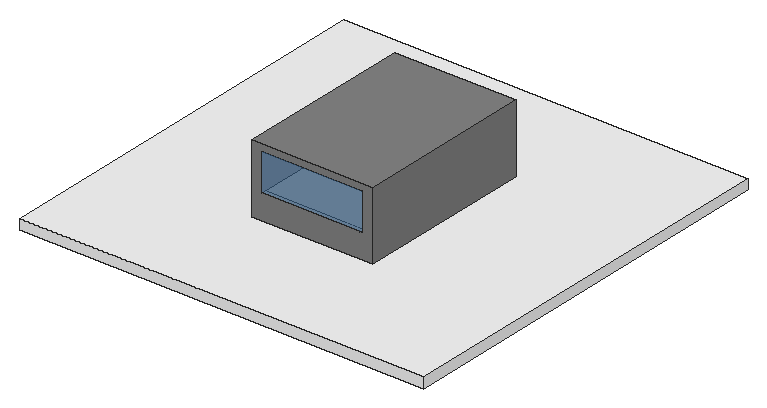
Revit family "BE_24088_de_DE", category Leuchten, Revit 2020
Family settings
  Basisbauteil = Fläche
  Bemaßung runder Anschluss = Durchmesser verwenden
  Teiletyp = Normal
  Beim Laden mit Abzugskörper schneiden = Ja
  Lichtquelle = Ja
  Gemeinsam genutzt = Nein
  Raumberechnungspunkt = Ja
Parameters (values of type "BEGA_24088_Grafit_K3")
  built-in parameter 1150104 = 13.536 (stored number, unit not read)
  Wattage = 7 W
  Default Elevation = 0 mm
  built-in parameter 1150113 = 1 (stored number, unit not read)
  built-in parameter 1114218 = 1 (stored number, unit not read)
  Umgebungstemperatur = "25 °C"
  URL = "https://www.bega.com/de/produkt/24088"
  Typenkommentare = "© 2022 BEGA. Wir behalten uns das Recht vor, technische Änderungen ohne vorherige Ankündigung vorzunehmen."  # constant formula
  Type Image = 24088.png
  built-in parameter 1150134 = (empty or 0)
  built-in parameter 1150109 = 1 (stored number, unit not read)
  Strom = ""
  built-in parameter 1150110 = 1 (stored number, unit not read)
  Spannung = 239.996 V
  Sonderanfertigung = no
  Seriennummer [instance] = "Hier können Sie die eindeutige Seriennummer für das Facility Management eintragen."
  Schutzklasse = "I"
  Schutzart = "IP 65"
  Scheinlast = 0 VA
  Produktdatenblatt = "https://cdn.bega.com/bega/products/24088WK3/current/documents/data-sheets/de"
  Oberflächentemperatur = ""
  Neigungswinkel = 0.00°
  Modell = "24088K3"
  Material_17 = BEGA_Reflektor
  Material_15 = BEGA_Leuchtmedium_matt
  Material_11 = BEGA_Glas_opal
  Material_09 = BEGA_Glas_klar
  Material_06 = BEGA_Oberfläche_Edelstahl_gebürstet
  Material_03 = BEGA_Oberfläche_Weiss_matt
  Material_02 = BEGA_Oberfläche_Silber_matt
  Material_01 [instance] = BEGA_Oberfläche_Grafit_matt
  M_W = no
  M_G = yes
  M_A = no
  Logo = 0
  built-in parameter 1114217 = 1 (stored number, unit not read)
  built-in parameter 1150139 = (empty or 0)
  built-in parameter 1150105 = 81.161 (stored number, unit not read)
  built-in parameter 1150114 = 1 (stored number, unit not read)
  Lumens = 1019.9 lm
  built-in parameter 1150115 = 1 (stored number, unit not read)
  Leuchtenlichtstrom = "294 lm"
  Leuchtenanzahl = ""
  Lebensdauerkriterien = "L70B50 @ 25 °C = 200000 h"
  Lastklassifizierung = Beleuchtung
  built-in parameter 1150112 = 1 (stored number, unit not read)
  Lampenlichtstrom = "1020 lm"
  Lampe = "LED 7 W"
  LED_Modulbezeichnung = "LED-0886/830 + LED-0887/830"
  built-in parameter 1150142 = (empty or 0)
  Hersteller = "BEGA"  # constant formula
  Halbstreuwinkel = ""
  Gewicht = "1.45 kg"
  Gebrauchslageneinschränkung [instance] = ""
  Frequenz = "0/50-60 Hz"
  Farbwiedergabeindex = "CRI > 80"
  Farbtemperaturverschiebung bei Dämpfen der Lampe = <Keine Auswahl>
  Farbtemperatur = "3000 K"
  Color Filter = 16777215
  built-in parameter 1150133 = 10 (stored number, unit not read)
  Energieeffizienzklasse = "LED A++ - A"
  built-in parameter 1150137 = (empty or 0)
  built-in parameter 1150132 = (empty or 0)
  ENEC = "ja"
  Dimmbar [instance] = "DALI"
  Datei für fotometrisches Netz = "BE_24088K3.IES"
  CE_Konformität = "ja"
  Bestellnummer = "24088K3"
  Beschreibung_Sonderanfertigung = "Hier können Sie Informationen zur Sonderanfertigung eintragen."
  Beschreibung = "Wandleuchte"
  built-in parameter 1150106 = 0.81161 (stored number, unit not read)
  Befestigungsbohrung = "Ø 4,5 mm"
  Befestigungsabstand = "86 x 86 mm"
  Ballwurfsicher = ""
  BEGA_Intern_aus = yes
  BEGA_Intern_an = yes
  BEGA_Intern_Konstruktion = yes
  BEGA_Intern = yes
  BEGA_IES = yes
  BEGA_Dummy = no
  Anschlussleitung = ""
  Anschlussleistung [instance] = "9 W"
  built-in parameter 1150107 = 3000 (stored number, unit not read)
  built-in parameter 1150102 = (empty or 0)
  built-in parameter 1150138 = (empty or 0)
  Aktualisierung = "2022-05-18T04:00:07"
  Abstand_zur_angestrahlten_Fläche [instance] = ""
  AC/DC = "AC/DC"
Types (6, lengths in mm): name | built-in parameter 1150104 | built-in parameter 1150134 | Modell | M_W | M_G | M_A | built-in parameter 1150105 | Lumens | Leuchtenlichtstrom | Lampenlichtstrom | LED_Modulbezeichnung | Farbtemperatur | Datei für fotometrisches Netz | Bestellnummer | built-in parameter 1150106 | built-in parameter 1150107
  BEGA_24088_Grafit_K4 | 14.4 (stored number, unit not read) | 12 | "24088K4" | no | yes | no | 86.342 (stored number, unit not read) | 1085 lm | "313 lm" | "1085 lm" | "LED-0886/840 + LED-0887/840" | "4000 K" | "BE_24088K4.IES" | "24088K4" | 0.86342 (stored number, unit not read) | 4000 (stored number, unit not read)
  BEGA_24088_Weiß_K3 | 13.536 (stored number, unit not read) | (empty or 0) | "24088WK3" | yes | no | no | 81.161 (stored number, unit not read) | 1019.9 lm | "294 lm" | "1020 lm" | "LED-0886/830 + LED-0887/830" | "3000 K" | "BE_24088K3.IES" | "24088WK3" | 0.81161 (stored number, unit not read) | 3000 (stored number, unit not read)
  BEGA_24088_Weiß_K4 | 14.4 (stored number, unit not read) | 12 | "24088WK4" | yes | no | no | 86.342 (stored number, unit not read) | 1085 lm | "313 lm" | "1085 lm" | "LED-0886/840 + LED-0887/840" | "4000 K" | "BE_24088K4.IES" | "24088WK4" | 0.86342 (stored number, unit not read) | 4000 (stored number, unit not read)
  BEGA_24088_Silber_K3 | 13.536 (stored number, unit not read) | (empty or 0) | "24088AK3" | no | no | yes | 81.161 (stored number, unit not read) | 1019.9 lm | "294 lm" | "1020 lm" | "LED-0886/830 + LED-0887/830" | "3000 K" | "BE_24088K3.IES" | "24088AK3" | 0.81161 (stored number, unit not read) | 3000 (stored number, unit not read)
  BEGA_24088_Grafit_K3 | 13.536 (stored number, unit not read) | (empty or 0) | "24088K3" | no | yes | no | 81.161 (stored number, unit not read) | 1019.9 lm | "294 lm" | "1020 lm" | "LED-0886/830 + LED-0887/830" | "3000 K" | "BE_24088K3.IES" | "24088K3" | 0.81161 (stored number, unit not read) | 3000 (stored number, unit not read)
  BEGA_24088_Silber_K4 | 14.4 (stored number, unit not read) | 12 | "24088AK4" | no | no | yes | 86.342 (stored number, unit not read) | 1085 lm | "313 lm" | "1085 lm" | "LED-0886/840 + LED-0887/840" | "4000 K" | "BE_24088K4.IES" | "24088AK4" | 0.86342 (stored number, unit not read) | 4000 (stored number, unit not read)
Reference planes
  plane 1 "Mitte (Vorne/Hinten)": y = 0
  plane 2: z = 0
  plane 3 "Mitte (Links/Rechts)": x = 0
  plane 4 "Links": x = -60
  plane 5 "Rechts": x = 60
  plane 6 "Unten": y = -88.5
  plane 7 "Oben": y = 88.5
  plane 8 "Vorne": z = 69.6
  plane 9 "Hinten": z = 0
Forms (mm)
  Extrusion 1, solid, material "BEGA_Platte_Weiss"
    sketch origin (0, -1119.2, 0) x (1, 0, 0) y (0, 1, 0)
      loop
        line (-200, 1319.2) -> (-200, 919.2) -> (200, 919.2) -> (200, 1319.2) -> (-200, 1319.2)
    from 0 to -10
  Extrusion 2, solid, material "BEGA_Dummy_matt", visible <- "BEGA_Dummy"
    sketch origin (80.095, -76.023, 0) x (1, 0, 0) y (0, 1, 0)
      loop
        line (-140.095, 164.523) -> (-140.095, -12.477) -> (-20.095, -12.477) -> (-20.095, 164.523) -> (-140.095, 164.523)
    from 0 to 69.6
Dimensions and locks
  plane 1 "Mitte (Vorne/Hinten)" to Extrusion 1 = 200 mm
  aligned and locked: plane 2 to Extrusion 1
  aligned and locked: level to Extrusion 1
Nested families
  nested 1: "BE_24088" at (-2.753, 0, 0), type "BE_24088"
Connectors
  electrical at (0, 0, 0), driven by "Lastklassifizierung", driven by "Spannung", driven by "Scheinlast"
    settings: index 1, voltage 239.996 V, apparent load 0 VA, apparent load phase1 0 VA, apparent load phase2 0 VA, apparent load phase3 0 VA, power factor 1, load classification "Beleuchtung", number of poles 1, system type 31, power factor state 1, is connector primary yes, connector utility no, sub classification motor no, connector description ""
Definition of nested family "BE_24088"
  Parameters (values of type "BE_24088")
    Default Elevation = 1 mm
    URL = "http://www.bega.de/de/produkt"
    Type Comments = "© 2015 BEGA. Wir behalten uns das Recht vor, technische Änderungen ohne vorherige Ankündigung vorzunehmen. "  # constant formula
    Type Image = (empty or 0)
    Neigungswinkel_um_Z2 = 0.00°
    Neigungswinkel_um_Z1 = 0.00°
    Neigungswinkel_um_Y2 = 0.00°
    Neigungswinkel_um_Y1 = 0.00°
    Neigungswinkel_um_X2 = 0.00°
    Neigungswinkel_um_X1 = 0.00°
    Material_17 = none
    Material_15 = none
    Material_11 = none
    Material_10 = none
    Material_09 = none
    Material_06 = none
    Material_03 = none
    Material_02 = none
    Material_01 = none
    M_W = yes
    M_G = yes
    M_A = yes
    Länge_Platte = 200 mm  # constant formula
    Höhe_Platte = -10 mm  # constant formula
    Manufacturer = "BEGA"  # constant formula
    Drehwinkel_um_Z2 = 0.00°
    Drehwinkel_um_Z1 = 0.00°
    Breite_Platte = 200 mm  # constant formula
  Reference planes
    plane 1 "Mitte (Oben/Unten)": y = 0
    plane 2: z = 0
    plane 3 "Mitte (Links/Rechts)": x = 2.753
    plane 4 "Hinten": z = -15
    plane 5 "Oben": y = 88.5
    plane 6 "Unten": y = -88.5
    plane 7: z = 69.6
    plane 8: x = 62.753
    plane 9: x = -57.247
  Forms (mm)
    Extrusion 1, solid, detail levels medium
      sketch origin (0, 0, 0) x (1, 0, 0) y (0, 1, 0)
        loop
          line (-97.247, 100) -> (-97.247, -100) -> (102.753, -100) -> (102.753, 100) -> (-97.247, 100)
      from 0 to -10 <- "Höhe_Platte"
    Extrusion 2, solid, material <- "Material_10"
      sketch origin (2.753, 0, 0) x (0, 1, 0) y (0, 0, 1)
        loop
          line (88.46, 63.294) -> (84.45, 63.294) -> (84.45, 26.294) -> (88.46, 26.294) -> (88.46, 63.294)
        loop
          line (-88.46, 63.294) -> (-88.46, 26.294) -> (-84.45, 26.294) -> (-84.45, 63.294) -> (-88.46, 63.294)
      from -50 to 50
    Extrusion 3, solid, material <- "Material_01", visible <- "M_G"
      sketch origin (0, 0, 0) x (1, 0, 0) y (0, 0, 1)
        loop
          line (-57.247, 69.6) -> (-57.247, 1.899) -> (62.753, 1.899) -> (62.753, 69.6) -> (-57.247, 69.6)
        loop
          line (52.753, 63.294) -> (-47.247, 63.294) -> (-47.247, 26.294) -> (52.753, 26.294) -> (52.753, 63.294)
      from -88.5 to 88.5
    Extrusion 4, void
      sketch origin (0, 0.559, 0) x (1, 0, 0) y (0, 1, 0)
        loop
          line (-54.856, 86.109) -> (-54.856, -86.109) -> (6.716, -86.109) -> (60.362, -86.109) -> (60.362, 86.109) -> (2.356, 86.109) -> (-54.856, 86.109)
      from 0 to 14.658
    Revolve 5, solid, material <- "Material_01"
      sketch origin (2.753, 0, 0) x (0, 1, 0) y (0, 0, 1)
        loop
          line (55.317, 10.478) -> (55.729, 20) -> (54.421, 20) -> (0, 20) -> (0, 12) -> (47.934, 12) -> (48.329, 0) -> (50.913, 0) -> (51.025, 3.044) -> (55.317, 10.478)
        axis (0, 0) -> (0, 20)
      angle from 0 to 360
    Extrusion 6, solid, material <- "Material_01"
      sketch origin (0, 0, 0) x (1, 0, 0) y (0, 1, 0)
        loop
          arc (-48.097, -42.239) -> (-43.99, -46.743) -> (-39.485, -50.85) r 66.105
          line (-39.485, -50.85) -> (-26.63, -41.848)
          arc (-26.63, -41.848) -> (-33.404, -36.157) -> (-39.095, -29.383) r 51.134
          line (-39.095, -29.383) -> (-48.097, -42.239)
        loop
          arc (-43.59, -43.045) -> (-41.979, -44.717) -> (-40.308, -46.328) r 63.25
          arc (-40.308, -46.328) -> (-37.119, -46.235) -> (-37.229, -43.047) r 2.25
          arc (-37.229, -43.047) -> (-38.789, -41.543) -> (-40.293, -39.982) r 58.75
          arc (-40.293, -39.982) -> (-43.472, -39.866) -> (-43.59, -43.045) r 2.25
        loop
          arc (42.735, -43.047) -> (42.618, -46.226) -> (45.797, -46.345) r 2.25
          arc (45.797, -46.345) -> (47.478, -44.725) -> (49.098, -43.043) r 63.25
          arc (49.098, -43.043) -> (48.98, -39.864) -> (45.8, -39.982) r 2.25
          arc (45.8, -39.982) -> (44.296, -41.543) -> (42.735, -43.047) r 58.75
        loop
          arc (44.992, -50.85) -> (49.496, -46.743) -> (53.603, -42.239) r 66.105
          line (53.603, -42.239) -> (44.602, -29.383)
          arc (44.602, -29.383) -> (38.91, -36.157) -> (32.136, -41.848) r 51.134
          line (32.136, -41.848) -> (44.992, -50.85)
        loop
          line (44.992, 50.85) -> (32.136, 41.848)
          arc (32.136, 41.848) -> (38.91, 36.157) -> (44.602, 29.383) r 51.134
          line (44.602, 29.383) -> (53.603, 42.239)
          arc (53.603, 42.239) -> (49.496, 46.743) -> (44.992, 50.85) r 66.105
        loop
          arc (45.8, 39.982) -> (48.977, 39.862) -> (49.103, 43.038) r 2.25
          arc (49.103, 43.038) -> (47.478, 44.725) -> (45.792, 46.349) r 63.25
          arc (45.792, 46.349) -> (42.615, 46.223) -> (42.735, 43.047) r 2.25
          arc (42.735, 43.047) -> (44.296, 41.543) -> (45.8, 39.982) r 58.75
        loop
          arc (-37.229, 43.047) -> (-37.109, 46.223) -> (-40.285, 46.349) r 2.25
          arc (-40.285, 46.349) -> (-41.971, 44.725) -> (-43.596, 43.038) r 63.25
          arc (-43.596, 43.038) -> (-43.47, 39.862) -> (-40.293, 39.982) r 2.25
          arc (-40.293, 39.982) -> (-38.789, 41.543) -> (-37.229, 43.047) r 58.75
        loop
          arc (-39.485, 50.85) -> (-43.99, 46.743) -> (-48.097, 42.239) r 66.105
          line (-48.097, 42.239) -> (-39.095, 29.383)
          arc (-39.095, 29.383) -> (-33.404, 36.157) -> (-26.63, 41.848) r 51.134
          line (-26.63, 41.848) -> (-39.485, 50.85)
      from 0 to 1.603
    Extrusion 7, void
      sketch origin (0, 0, 0) x (1, 0, 0) y (0, 1, 0)
        loop
          circle (-25.247, 15) r 5.096
        loop
          circle (-25.247, -15) r 5.096
      from 0 to 52.141
    Extrusion 8, solid, material <- "Material_02", visible <- "M_A"
      sketch origin (0, 0, 0) x (1, 0, 0) y (0, 0, 1)
        loop
          line (-57.247, 69.6) -> (-57.247, 1.899) -> (62.753, 1.899) -> (62.753, 69.6) -> (-57.247, 69.6)
        loop
          line (52.753, 63.294) -> (-47.247, 63.294) -> (-47.247, 26.294) -> (52.753, 26.294) -> (52.753, 63.294)
      from -88.5 to 88.5
    Extrusion 9, solid, material <- "Material_03", visible <- "M_W"
      sketch origin (0, 0, 0) x (1, 0, 0) y (0, 0, 1)
        loop
          line (-57.247, 69.6) -> (-57.247, 1.899) -> (62.753, 1.899) -> (62.753, 69.6) -> (-57.247, 69.6)
        loop
          line (52.753, 63.294) -> (-47.247, 63.294) -> (-47.247, 26.294) -> (52.753, 26.294) -> (52.753, 63.294)
      from -88.5 to 88.5
  Cuts and joins
    Extrusion 4 cuts Extrusion 2
    Extrusion 7 cuts Revolve 5
    Extrusion 7 cuts Extrusion 6
    joined: Revolve 5, Extrusion 6
    Extrusion 4, Extrusion 7 cuts Extrusion 9
    Extrusion 4, Extrusion 7 cuts Extrusion 8
    Extrusion 4, Extrusion 7 cuts Extrusion 3
  Dimensions and locks
    equal spacing: Extrusion 1 sketch curve, plane 3 "Mitte (Links/Rechts)", Extrusion 1 sketch curve
    equal spacing: Extrusion 1 sketch curve, plane 1 "Mitte (Oben/Unten)", Extrusion 1 sketch curve
    "Länge_Platte": Extrusion 1 sketch curve to Extrusion 1 sketch curve
    "Breite_Platte": Extrusion 1 sketch curve to Extrusion 1 sketch curve
    aligned and locked: plane 2 to Extrusion 1
    aligned and locked: level to Extrusion 1
  Automatic sketch dimensions
    level to Extrusion 2 sketch curve = 26.294 mm  (x2)
    plane 1 "Mitte (Oben/Unten)" to Extrusion 2 sketch curve = 88.46 mm
    Extrusion 2 sketch curve to Extrusion 2 sketch curve = 4.01 mm  (x2)
    Extrusion 2 sketch curve to plane 1 "Mitte (Oben/Unten)" = 84.45 mm
    level to Extrusion 3 sketch curve = 1.899 mm
    Extrusion 3 sketch curve to Extrusion 3 sketch curve = 10 mm  (x2)
    plane 3 "Mitte (Links/Rechts)" to Extrusion 3 sketch curve = 50 mm
    level to Extrusion 3 sketch curve = 26.294 mm
    Extrusion 4 sketch curve to plane 3 "Mitte (Links/Rechts)" = 0.398 mm
    plane 3 "Mitte (Links/Rechts)" to Extrusion 4 sketch curve = 3.962 mm
    plane 1 "Mitte (Oben/Unten)" to Extrusion 4 sketch curve = 85.55 mm
    Extrusion 4 sketch curve to plane 1 "Mitte (Oben/Unten)" = 86.668 mm
    Revolve 5 sketch curve to plane 1 "Mitte (Oben/Unten)" = 0 mm  (x2)
    Revolve 5 sketch curve to level = 0 mm
    level to Revolve 5 sketch curve = 12 mm
    Revolve 5 sketch curve to plane 1 "Mitte (Oben/Unten)" = 47.934 mm
    Revolve 5 sketch curve to Revolve 5 sketch curve = 0.395 mm
    Revolve 5 sketch curve to Revolve 5 sketch curve = 2.584 mm
    level to Revolve 5 sketch curve = 3.044 mm
    Revolve 5 sketch curve to Revolve 5 sketch curve = 0.113 mm
    Revolve 5 sketch curve to Revolve 5 sketch curve = 6.487 mm
    level to Revolve 5 sketch curve = 10.478 mm
    Revolve 5 sketch curve to Revolve 5 sketch curve = 7.384 mm
    Revolve 5 sketch curve to Revolve 5 sketch curve = 1.308 mm
    Revolve 5 sketch curve to Revolve 5 sketch curve = 9.522 mm
    Revolve 5 sketch curve to Revolve 5 sketch curve = 0 mm
    Revolve 5 sketch curve to Revolve 5 sketch curve = 2.7 mm
    Extrusion 6 sketch curve to Extrusion 6 sketch curve = 0 mm  (x103)
    plane 1 "Mitte (Oben/Unten)" to Extrusion 6 sketch curve = 0 mm  (x2)
    Extrusion 6 sketch curve to plane 3 "Mitte (Links/Rechts)" = 0 mm  (x3)
    Extrusion 6 sketch curve to plane 1 "Mitte (Oben/Unten)" = 0 mm  (x2)
    Extrusion 6 sketch curve to plane 3 "Mitte (Links/Rechts)" = 0.001 mm  (x2)
    Extrusion 6 sketch curve to plane 3 "Mitte (Links/Rechts)" = 29.383 mm  (x2)
    Extrusion 6 sketch curve to Extrusion 6 sketch curve = 12.13 mm  (x6)
    Extrusion 6 sketch curve to Extrusion 6 sketch curve = 0.335 mm  (x3)
    Extrusion 6 sketch curve to Extrusion 6 sketch curve = 0.725 mm  (x6)
    Extrusion 6 sketch curve to Extrusion 6 sketch curve = 3.181 mm  (x2)
    Extrusion 6 sketch curve to Extrusion 6 sketch curve = 3.182 mm  (x4)
    plane 1 "Mitte (Oben/Unten)" to Extrusion 6 sketch curve = 42.239 mm  (x2)
    Extrusion 6 sketch curve to Extrusion 6 sketch curve = 6.156 mm
    Extrusion 6 sketch curve to Extrusion 6 sketch curve = 6.155 mm  (x4)
    plane 3 "Mitte (Links/Rechts)" to Extrusion 6 sketch curve = 0 mm  (x2)
    plane 3 "Mitte (Links/Rechts)" to Extrusion 6 sketch curve = 29.383 mm  (x2)
    Extrusion 6 sketch curve to Extrusion 6 sketch curve = 3.183 mm  (x2)
    Extrusion 6 sketch curve to Extrusion 6 sketch curve = 6.154 mm
    Extrusion 6 sketch curve to Extrusion 6 sketch curve = 2.457 mm
    Extrusion 6 sketch curve to Extrusion 6 sketch curve = 2.847 mm  (x2)
    plane 1 "Mitte (Oben/Unten)" to Extrusion 6 sketch curve = 0.001 mm
    Extrusion 6 sketch curve to plane 1 "Mitte (Oben/Unten)" = 0.001 mm
    Extrusion 6 sketch curve to plane 1 "Mitte (Oben/Unten)" = 29.383 mm  (x2)
    Extrusion 6 sketch curve to Extrusion 6 sketch curve = 1.531 mm  (x6)
    plane 1 "Mitte (Oben/Unten)" to Extrusion 6 sketch curve = 29.383 mm
    Extrusion 6 sketch curve to Extrusion 6 sketch curve = 1.525 mm  (x2)
    Extrusion 6 sketch curve to Extrusion 6 sketch curve = 1.649 mm  (x6)
    Extrusion 6 sketch curve to Extrusion 6 sketch curve = 0.001 mm  (x3)
    Extrusion 6 sketch curve to Extrusion 6 sketch curve = 1.548 mm
    Extrusion 6 sketch curve to Extrusion 6 sketch curve = 1.654 mm  (x2)
    Extrusion 6 sketch curve to Extrusion 6 sketch curve = 1.53 mm
    Extrusion 6 sketch curve to Extrusion 6 sketch curve = 1.65 mm
    level to Extrusion 8 sketch curve = 1.899 mm
    Extrusion 8 sketch curve to Extrusion 8 sketch curve = 10 mm  (x2)
    plane 3 "Mitte (Links/Rechts)" to Extrusion 8 sketch curve = 50 mm
    level to Extrusion 8 sketch curve = 26.294 mm
    level to Extrusion 9 sketch curve = 1.899 mm
    Extrusion 9 sketch curve to Extrusion 9 sketch curve = 10 mm  (x2)
    plane 3 "Mitte (Links/Rechts)" to Extrusion 9 sketch curve = 50 mm
    level to Extrusion 9 sketch curve = 26.294 mm
    Extrusion 2 sketch curve to plane 7 = 6.306 mm  (x2)
    Extrusion 3 sketch curve to plane 7 = 0 mm
    Extrusion 3 sketch curve to plane 7 = 6.306 mm
    Extrusion 8 sketch curve to plane 7 = 0 mm
    Extrusion 8 sketch curve to plane 7 = 6.306 mm
    Extrusion 9 sketch curve to plane 7 = 0 mm
    Extrusion 9 sketch curve to plane 7 = 6.306 mm
    plane 8 to Extrusion 4 sketch curve = 2.391 mm
    plane 9 to Extrusion 3 sketch curve = 0 mm
    Extrusion 4 sketch curve to plane 9 = 2.391 mm
    plane 9 to Extrusion 8 sketch curve = 0 mm
    plane 9 to Extrusion 9 sketch curve = 0 mm
